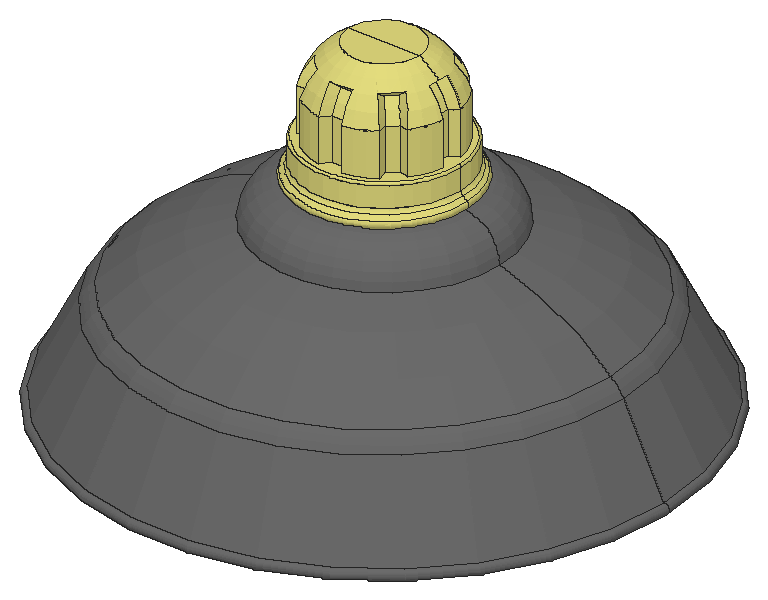
Revit family "WC514 SHADE", category Lighting Fixtures, Revit 2024
Family settings
  Round Connector Dimension = Use Diameter
  Part Type = Normal
  OmniClass Number = 23.80.70.00
  OmniClass Title = Lighting
  Work Plane-Based = No
  Always vertical = Yes
  Cut with Voids When Loaded = No
  Light Source = Yes
  Maintain Annotation Orientation = No
  Shared = No
  Room Calculation Point = No
Parameters
  Wattage = 12.1178 W
  built-in parameter 1150110 = 1 (stored number, unit not read)
  built-in parameter 1114217 = 1 (stored number, unit not read)
  built-in parameter 1150109 = 1 (stored number, unit not read)
  built-in parameter 1150134 = (empty or 0)
  built-in parameter 1150113 = 1 (stored number, unit not read)
  Lumens = 1800 lm
  built-in parameter 1150115 = 1 (stored number, unit not read)
  built-in parameter 1150105 = 572.96 (stored number, unit not read)
  Light Source Symbol Size = 2' - 0"
  built-in parameter 1150137 = (empty or 0)
  built-in parameter 1150139 = (empty or 0)
  built-in parameter 1150112 = 1 (stored number, unit not read)
  built-in parameter 1150114 = 1 (stored number, unit not read)
  built-in parameter 1150132 = 2
  built-in parameter 1150102 = (empty or 0)
  built-in parameter 1150138 = (empty or 0)
  built-in parameter 1150107 = 3000 (stored number, unit not read)
  built-in parameter 1150106 = 5.7296 (stored number, unit not read)
  built-in parameter 1150104 = 13.8 (stored number, unit not read)
  Dimming Lamp Color Temperature Shift = (empty or 0)
  Default Elevation = 0' - 0"
  Color Filter = 16777215
  built-in parameter 1114218 = 1 (stored number, unit not read)
  built-in parameter 1150133 = 10 (stored number, unit not read)
Reference planes (in)
  plane 1 "Light Source Axis (F/B)": y = 0
  plane 2: z = 0
  plane 3 "Light Source Axis (L/R)": x = 0
  plane 4 "Light Source Elevation": z = 84
Forms (in)
  Revolve 1, solid
    sketch origin (0, 0, 0) x (1, 0, 0) y (0, 0, 1)
      loop
        arc (-6.89864, 84.00225) -> (-6.34345, 85.07584) -> (-5.79915, 86.15498) r 119.52912
        arc (-5.79915, 86.15498) -> (-5.67337, 86.34631) -> (-5.50589, 86.50244) r 0.96064
        arc (-5.50589, 86.50244) -> (-4.23032, 87.43112) -> (-2.76059, 88.00508) r 6.15638
        arc (-2.76059, 88.00508) -> (-2.54154, 88.61175) -> (-1.96746, 88.90579) r 0.87945
        line (-1.96746, 88.90579) -> (-1.96746, 88.99995)
        arc (-1.96746, 88.99995) -> (-2.58313, 88.70497) -> (-2.85354, 88.07813) r 0.9732
        arc (-2.85354, 88.07813) -> (-4.30456, 87.49726) -> (-5.56608, 86.57455) r 6.25013
        arc (-5.56608, 86.57455) -> (-5.74697, 86.40445) -> (-5.88307, 86.19677) r 1.05439
        arc (-5.88307, 86.19677) -> (-6.37458, 85.22112) -> (-6.875, 84.25) r 119.43537
        arc (-6.875, 84.25) -> (-6.99943, 84.13687) -> (-6.89864, 84.00225) r 0.125
      axis (0, 88.99995) -> (0, 84.00225)
    angle from 0 to 360
  Revolve 2, solid
    sketch origin (0, 0, 0) x (1, 0, 0) y (0, 0, 1)
      loop
        line (-1.96746, 88.99995) -> (-1.6875, 89.34254) -> (0, 89.34254) -> (0, 91.99995) -> (-0.86178, 91.99995)
        arc (-0.86178, 91.99995) -> (-1.37784, 91.57368) -> (-1.6875, 90.98027) r 1.68691
        line (-1.6875, 90.98027) -> (-1.6875, 89.93727) -> (-1.82925, 89.93727)
        arc (-1.82925, 89.93727) -> (-1.86205, 89.91833) -> (-1.875, 89.88274) r 0.05537
        line (-1.875, 89.88274) -> (-1.875, 89.38274)
        arc (-1.875, 89.38274) -> (-1.89804, 89.32512) -> (-1.93642, 89.27636) r 0.21742
        arc (-1.93642, 89.27636) -> (-1.98527, 89.2287) -> (-2.03294, 89.17984) r 2.77742
        arc (-2.03294, 89.17984) -> (-2.05596, 89.0696) -> (-1.96746, 88.99995) r 0.10687
      axis (0, 91.99995) -> (0, 88.99995)
    angle from 0 to 360
  Sweep 3, void
    path origin (0, 0, 0) x (1, 0, 0) y (0, 0, 1)
      loop
        line (-1.6875, 89.93727) -> (-1.6875, 90.98027)
        arc (-1.6875, 90.98027) -> (-1.54734, 91.3221) -> (-1.33573, 91.62495) r 1.67699
    profile origin (-1.6875, 0, 90.45877) x (-1, 0, 0) y (0, -1, 0)
      loop
        line (0.25, 0.14434) -> (0, 0.28868) -> (-0.25, 0.14434) -> (-0.25, -0.14434) -> (0, -0.28868) -> (0.25, -0.14434) -> (0.25, 0.14434)
  Sweep 4, void
    path origin (0, 0, 0) x (0.707107, -0.707107, 0) y (0, 0, 1)
      loop
        line (-1.6875, 89.93727) -> (-1.6875, 90.98027)
        arc (-1.6875, 90.98027) -> (-1.54734, 91.3221) -> (-1.33573, 91.62495) r 1.67699
    profile origin (-1.19324, 1.19324, 90.45877) x (-0.707107, 0.707107, 0) y (-0.707107, -0.707107, 0)
      loop
        line (0.25, 0.14434) -> (0, 0.28868) -> (-0.25, 0.14434) -> (-0.25, -0.14434) -> (0, -0.28868) -> (0.25, -0.14434) -> (0.25, 0.14434)
  Sweep 5, void
    path origin (0, 0, 0) x (0.707107, 0.707107, 0) y (0, 0, 1)
      loop
        line (-1.6875, 89.93727) -> (-1.6875, 90.98027)
        arc (-1.6875, 90.98027) -> (-1.54734, 91.3221) -> (-1.33573, 91.62495) r 1.67699
    profile origin (-1.19324, -1.19324, 90.45877) x (-0.707107, -0.707107, 0) y (0.707107, -0.707107, 0)
      loop
        line (0.25, 0.14434) -> (0, 0.28868) -> (-0.25, 0.14434) -> (-0.25, -0.14434) -> (0, -0.28868) -> (0.25, -0.14434) -> (0.25, 0.14434)
  Sweep 6, void
    path origin (0, 0, 0) x (0, 1, 0) y (0, 0, 1)
      loop
        line (-1.6875, 89.93727) -> (-1.6875, 90.98027)
        arc (-1.6875, 90.98027) -> (-1.54734, 91.3221) -> (-1.33573, 91.62495) r 1.67699
    profile origin (0, -1.6875, 90.45877) x (0, -1, 0) y (1, 0, 0)
      loop
        line (0.25, 0.14434) -> (0, 0.28868) -> (-0.25, 0.14434) -> (-0.25, -0.14434) -> (0, -0.28868) -> (0.25, -0.14434) -> (0.25, 0.14434)
  Sweep 7, void
    path origin (0, 0, 0) x (-0.707107, 0.707107, 0) y (0, 0, 1)
      loop
        line (-1.6875, 89.93727) -> (-1.6875, 90.98027)
        arc (-1.6875, 90.98027) -> (-1.54734, 91.3221) -> (-1.33573, 91.62495) r 1.67699
    profile origin (1.19324, -1.19324, 90.45877) x (0.707107, -0.707107, 0) y (0.707107, 0.707107, 0)
      loop
        line (0.25, 0.14434) -> (0, 0.28868) -> (-0.25, 0.14434) -> (-0.25, -0.14434) -> (0, -0.28868) -> (0.25, -0.14434) -> (0.25, 0.14434)
  Sweep 8, void
    path origin (0, 0, 0) x (-1, 0, 0) y (0, 0, 1)
      loop
        line (-1.6875, 89.93727) -> (-1.6875, 90.98027)
        arc (-1.6875, 90.98027) -> (-1.54734, 91.3221) -> (-1.33573, 91.62495) r 1.67699
    profile origin (1.6875, 0, 90.45877) x (1, 0, 0) y (0, 1, 0)
      loop
        line (0.25, 0.14434) -> (0, 0.28868) -> (-0.25, 0.14434) -> (-0.25, -0.14434) -> (0, -0.28868) -> (0.25, -0.14434) -> (0.25, 0.14434)
  Sweep 9, void
    path origin (0, 0, 0) x (-0.707107, -0.707107, 0) y (0, 0, 1)
      loop
        line (-1.6875, 89.93727) -> (-1.6875, 90.98027)
        arc (-1.6875, 90.98027) -> (-1.54734, 91.3221) -> (-1.33573, 91.62495) r 1.67699
    profile origin (1.19324, 1.19324, 90.45877) x (0.707107, 0.707107, 0) y (-0.707107, 0.707107, 0)
      loop
        line (0.25, 0.14434) -> (0, 0.28868) -> (-0.25, 0.14434) -> (-0.25, -0.14434) -> (0, -0.28868) -> (0.25, -0.14434) -> (0.25, 0.14434)
  Sweep 10, void
    path origin (0, 0, 0) x (0, -1, 0) y (0, 0, 1)
      loop
        line (-1.6875, 89.93727) -> (-1.6875, 90.98027)
        arc (-1.6875, 90.98027) -> (-1.54734, 91.3221) -> (-1.33573, 91.62495) r 1.67699
    profile origin (0, 1.6875, 90.45877) x (0, 1, 0) y (-1, 0, 0)
      loop
        line (0.25, 0.14434) -> (0, 0.28868) -> (-0.25, 0.14434) -> (-0.25, -0.14434) -> (0, -0.28868) -> (0.25, -0.14434) -> (0.25, 0.14434)
Cuts and joins
  Sweep 3, Sweep 4, Sweep 5, Sweep 6, Sweep 7, Sweep 8, Sweep 9, Sweep 10 cuts Revolve 2
Dimensions and locks (in)
  aligned and locked: plane 3 "Light Source Axis (L/R)" to imposter light
  aligned and locked: plane 1 "Light Source Axis (F/B)" to imposter light
  aligned and locked: plane 4 "Light Source Elevation" to imposter light
  aligned and locked: level to plane 2
